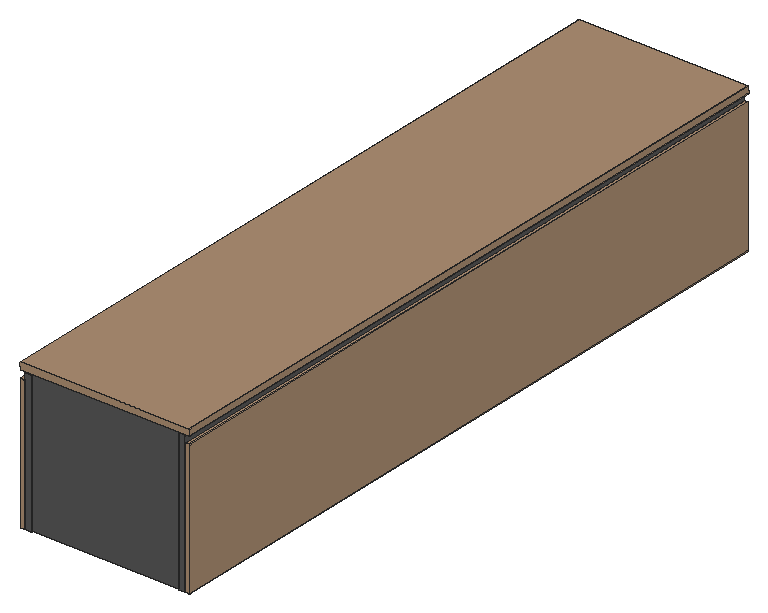
Revit family "Sanitary_Compound-Units_hansgrohe_54287XXX-Xilesa-E-Tall-cabinet_400-350_hinge-left", category Furniture, host Face, Revit 2022
Family settings
  Host = Face
  OmniClass Number = 23.21.19.15.33.13
  OmniClass Title = Residential Bathroom Specialty Casework
  Cut with Voids When Loaded = No
  Render Appearance Source = Family Geometry
  Shared = No
  Room Calculation Point = No
Parameters (values of type "550 Cashmere Oak")
  Version = 1  # constant formula
  URL = "https://www.hansgrohe.com/"
  Product data url = "https://www.bimobject.com/en/hansgrohe/product/54287XXX"
  Product Page URL = "https://www.hansgrohe.com/articledetail--54287550"
  Model = "54287XXX"  # constant formula
  Material 3 = Hansgrohe - Metal - Black
  Material 2 = Hansgrohe - MDF - Matt Black
  Material 1 = Hansgrohe - MDF - 550 Cashmere Oak (vertical)
  Manufacturer = "Hansgrohe"  # constant formula
  Height = 0 mm
  Description = "Xilesa E Tall cabinet 400/350, door hinge left"  # constant formula
  Default Elevation = 0 mm
  Date Updated = ""
  Date Created = "2024/02/03"  # constant formula
Types (5, lengths in mm): name | Product data url | Product Page URL | Material 1
  (no name) | "https://www.bimobject.com/en/hansgrohe/product/54287XXX" | "https://www.hansgrohe.com/articledetail--54287550" | Hansgrohe - MDF - 550 Cashmere Oak (vertical)
  550 Cashmere Oak | "https://www.bimobject.com/en/hansgrohe/product/54287XXX" | "https://www.hansgrohe.com/articledetail--54287550" | Hansgrohe - MDF - 550 Cashmere Oak (vertical)
  700 Matt White | "https://www.bimobject.com/en/hansgrohe/product/54243XXX" | "https://www.hansgrohe.com/articledetail--54243550" | Hansgrohe - MDF - 700 Matt White
  760 Slate Matt Grey | "https://www.bimobject.com/en/hansgrohe/product/54243XXX" | "https://www.hansgrohe.com/articledetail--54243550" | Hansgrohe - MDF - 760 Slate Matt Grey
  780 Sand Matt Beige | "https://www.bimobject.com/en/hansgrohe/product/54243XXX" | "https://www.hansgrohe.com/articledetail--54243550" | Hansgrohe - MDF - 780 Sand Matt Beige
Reference planes
  plane 1 "Center (Front/Back)": y = 0
  plane 2: z = 0
  plane 3 "Center (Left/Right)": x = 0
  plane 4: x = -200
  plane 5: x = 200
  plane 6: y = -1650
  plane 7: z = 350
Dimensions and locks
  aligned and locked: plane 2 to host face
  aligned and locked: level to host face
Nested families
  nested 1: "54287XXX" at (0, -1650, 0) x (1, 0, 0) z (0, 1, 0), Material 1 <- "Material 1", Material 2 <- "Material 2", Material 3 <- "Material 3", type "54287XXX"
    with Material 3 Hansgrohe - Metal - Black, Material 2 Hansgrohe - MDF - Matt Black, Material 1 Hansgrohe - MDF - 550 Cashmere Oak (vertical)
Definition of nested family "54287XXX"
  Parameters (values of type "54287XXX")
    Version = 1  # constant formula
    URL = "https://www.hansgrohe.com/"
    Product data url = "https://www.bimobject.com/en/hansgrohe/product/54287XXX"
    Product Page URL = "https://www.hansgrohe.com/articledetail--54287550"
    Model = "54287XXX"  # constant formula
    Material 3 [instance] = none
    Material 2 [instance] = none
    Material 1 [instance] = none
    Manufacturer = "Hansgrohe"  # constant formula
    Description = "Xilesa E Tall cabinet 400/350, door hinge left"  # constant formula
    Default Elevation = 1219.2 mm
    Date Updated = ""
    Date Created = "2024/12/16"  # constant formula
  Reference planes
    plane 1 "Center (Front/Back)": y = 0
    plane 2: z = 0
    plane 3 "Center (Left/Right)": x = 0
  Forms (mm)
    Extrusion 1, solid, material <- "Material 1", detail levels medium+fine
      sketch origin (0, 0, 0) x (1, 0, 0) y (0, 1, 0)
        loop
          line (-190.6, 0) -> (-199.2, 0)
          arc (-199.2, 0) -> (-199.766, -0.234) -> (-200, -0.8) r 0.8
          line (-200, -0.8) -> (-200, -315.9)
          arc (-200, -315.9) -> (-199.766, -316.466) -> (-199.2, -316.7) r 0.8
          line (-199.2, -316.7) -> (-190.6, -316.7)
          arc (-190.6, -316.7) -> (-190.034, -316.466) -> (-189.8, -315.9) r 0.8
          line (-189.8, -315.9) -> (-189.8, -0.8)
          arc (-189.8, -0.8) -> (-190.034, -0.234) -> (-190.6, 0) r 0.8
        loop
          arc (190.6, 0) -> (190.034, -0.234) -> (189.8, -0.8) r 0.8
          line (189.8, -0.8) -> (189.8, -315.9)
          arc (189.8, -315.9) -> (190.034, -316.466) -> (190.6, -316.7) r 0.8
          line (190.6, -316.7) -> (199.2, -316.7)
          arc (199.2, -316.7) -> (199.766, -316.466) -> (200, -315.9) r 0.8
          line (200, -315.9) -> (200, -0.8)
          arc (200, -0.8) -> (199.766, -0.234) -> (199.2, 0) r 0.8
          line (199.2, 0) -> (190.6, 0)
      from 0 to 1650
    Extrusion 2, solid, material <- "Material 1", detail levels medium+fine
      sketch origin (0, 0, 0) x (1, 0, 0) y (0, 1, 0)
        loop
          line (-199.2, -350) -> (199.2, -350)
          arc (199.2, -350) -> (199.766, -349.766) -> (200, -349.2) r 0.8
          line (200, -349.2) -> (200, -334.5)
          arc (200, -334.5) -> (199.766, -333.934) -> (199.2, -333.7) r 0.8
          line (199.2, -333.7) -> (-199.2, -333.7)
          arc (-199.2, -333.7) -> (-199.766, -333.934) -> (-200, -334.5) r 0.8
          line (-200, -334.5) -> (-200, -349.2)
          arc (-200, -349.2) -> (-199.766, -349.766) -> (-199.2, -350) r 0.8
      from 0 to 1650
    Extrusion 3, solid, material <- "Material 2", detail levels medium+fine
      sketch origin (0, 0, 0) x (1, 0, 0) y (0, 1, 0)
        loop
          line (-189.8, -0.8) -> (-189.8, -330.9)
          arc (-189.8, -330.9) -> (-189.566, -331.466) -> (-189, -331.7) r 0.8
          line (-189, -331.7) -> (-174.6, -331.7)
          arc (-174.6, -331.7) -> (-174.034, -331.466) -> (-173.8, -330.9) r 0.8
          line (-173.8, -330.9) -> (-173.8, -0.8)
          arc (-173.8, -0.8) -> (-174.034, -0.234) -> (-174.6, 0) r 0.8
          line (-174.6, 0) -> (-189, 0)
          arc (-189, 0) -> (-189.566, -0.234) -> (-189.8, -0.8) r 0.8
        loop
          arc (189.8, -0.8) -> (189.566, -0.234) -> (189, 0) r 0.8
          line (189, 0) -> (174.6, 0)
          arc (174.6, 0) -> (174.034, -0.234) -> (173.8, -0.8) r 0.8
          line (173.8, -0.8) -> (173.8, -330.9)
          arc (173.8, -330.9) -> (174.034, -331.466) -> (174.6, -331.7) r 0.8
          line (174.6, -331.7) -> (189, -331.7)
          arc (189, -331.7) -> (189.566, -331.466) -> (189.8, -330.9) r 0.8
          line (189.8, -330.9) -> (189.8, -0.8)
      from 0 to 1650
    Extrusion 4, solid, material <- "Material 2", detail levels fine
      sketch origin (0, 0, 0) x (1, 0, 0) y (0, 1, 0)
        loop
          line (-173.8, -17) -> (-173.8, -20) -> (173.8, -20) -> (173.8, -17) -> (-173.8, -17)
      from 17 to 1637.136
    Extrusion 5, solid, material <- "Material 2", detail levels fine
      sketch origin (0, 0, 0) x (1, 0, 0) y (0, 1, 0)
        loop
          line (-173.8, -1) -> (-173.8, -333.7) -> (173.8, -333.7) -> (173.8, -1) -> (-173.8, -1)
      from 0 to 17
    Extrusion 6, solid, material <- "Material 1", detail levels coarse
      sketch origin (0, 0, 0) x (1, 0, 0) y (0, 1, 0)
        loop
          line (-200, 0) -> (-200, -350) -> (200, -350) -> (200, 0) -> (-200, 0)
      from 0 to 1650
    Extrusion 7, solid, material <- "Material 3", detail levels fine
      sketch origin (-30, -112, 314) x (1, 0, 0) y (0, 0, 1)
        loop
          line (-119.8, 482) -> (-119.8, 540)
          arc (-119.8, 540) -> (-120.972, 542.829) -> (-123.8, 544) r 4
          line (-123.8, 544) -> (-138.8, 544)
          arc (-138.8, 544) -> (-141.628, 542.829) -> (-142.8, 540) r 4
          line (-142.8, 540) -> (-142.8, 482)
          arc (-142.8, 482) -> (-141.628, 479.172) -> (-138.8, 478) r 4
          line (-138.8, 478) -> (-123.8, 478)
          arc (-123.8, 478) -> (-120.972, 479.172) -> (-119.8, 482) r 4
      from 218.9 to 221.7
    Extrusion 8, solid, material <- "Material 3", detail levels fine
      sketch origin (-30, -112, 314) x (0, 1, 0) y (0, 0, 1)
        loop
          line (-149.706, 520.501) -> (-172.206, 520.501)
          arc (-172.206, 520.501) -> (-175.035, 521.672) -> (-176.206, 524.501) r 4
          line (-176.206, 524.501) -> (-176.206, 532.501)
          arc (-176.206, 532.501) -> (-176.938, 534.268) -> (-178.706, 535.001) r 2.5
          line (-178.706, 535.001) -> (-188.706, 535.001)
          arc (-188.706, 535.001) -> (-190.474, 534.268) -> (-191.206, 532.501) r 2.5
          line (-191.206, 532.501) -> (-191.206, 524.501)
          arc (-191.206, 524.501) -> (-192.378, 521.672) -> (-195.206, 520.501) r 4
          line (-195.206, 520.501) -> (-206.544, 520.501) -> (-206.544, 501.501) -> (-195.206, 501.501)
          arc (-195.206, 501.501) -> (-192.378, 500.329) -> (-191.206, 497.501) r 4
          line (-191.206, 497.501) -> (-191.206, 489.501)
          arc (-191.206, 489.501) -> (-190.474, 487.733) -> (-188.706, 487.001) r 2.5
          line (-188.706, 487.001) -> (-178.706, 487.001)
          arc (-178.706, 487.001) -> (-176.938, 487.733) -> (-176.206, 489.501) r 2.5
          line (-176.206, 489.501) -> (-176.206, 497.501)
          arc (-176.206, 497.501) -> (-175.035, 500.329) -> (-172.206, 501.501) r 4
          line (-172.206, 501.501) -> (-149.706, 501.501)
          arc (-149.706, 501.501) -> (-147.938, 502.233) -> (-147.206, 504.001) r 2.5
          line (-147.206, 504.001) -> (-147.206, 518.001)
          arc (-147.206, 518.001) -> (-147.938, 519.768) -> (-149.706, 520.501) r 2.5
      from -143.8 to -140.45
    Extrusion 9, solid, material <- "Material 3", detail levels fine
      sketch origin (-30, -112, 314) x (1, 0, 0) y (0, 1, 0)
        loop
          line (-126.45, -219.2) -> (-130.658, -160.187) -> (-133.066, -160.422) -> (-138.299, -155.486) -> (-138.299, -147.206) -> (-140.45, -147.206) -> (-140.45, -219.2) -> (-126.45, -219.2)
      from 504.25 to 517.75
    Extrusion 10, solid, material <- "Material 3", detail levels fine
      sketch origin (-30, -112, -426.001) x (1, 0, 0) y (0, 0, 1)
        loop
          line (-119.8, 482) -> (-119.8, 540)
          arc (-119.8, 540) -> (-120.972, 542.829) -> (-123.8, 544) r 4
          line (-123.8, 544) -> (-138.8, 544)
          arc (-138.8, 544) -> (-141.628, 542.829) -> (-142.8, 540) r 4
          line (-142.8, 540) -> (-142.8, 482)
          arc (-142.8, 482) -> (-141.628, 479.172) -> (-138.8, 478) r 4
          line (-138.8, 478) -> (-123.8, 478)
          arc (-123.8, 478) -> (-120.972, 479.172) -> (-119.8, 482) r 4
      from 218.9 to 221.7
    Extrusion 11, solid, material <- "Material 3", detail levels fine
      sketch origin (-30, -112, -426.001) x (0, 1, 0) y (0, 0, 1)
        loop
          line (-149.706, 520.501) -> (-172.206, 520.501)
          arc (-172.206, 520.501) -> (-175.035, 521.672) -> (-176.206, 524.501) r 4
          line (-176.206, 524.501) -> (-176.206, 532.501)
          arc (-176.206, 532.501) -> (-176.938, 534.268) -> (-178.706, 535.001) r 2.5
          line (-178.706, 535.001) -> (-188.706, 535.001)
          arc (-188.706, 535.001) -> (-190.474, 534.268) -> (-191.206, 532.501) r 2.5
          line (-191.206, 532.501) -> (-191.206, 524.501)
          arc (-191.206, 524.501) -> (-192.378, 521.672) -> (-195.206, 520.501) r 4
          line (-195.206, 520.501) -> (-206.544, 520.501) -> (-206.544, 501.501) -> (-195.206, 501.501)
          arc (-195.206, 501.501) -> (-192.378, 500.329) -> (-191.206, 497.501) r 4
          line (-191.206, 497.501) -> (-191.206, 489.501)
          arc (-191.206, 489.501) -> (-190.474, 487.733) -> (-188.706, 487.001) r 2.5
          line (-188.706, 487.001) -> (-178.706, 487.001)
          arc (-178.706, 487.001) -> (-176.938, 487.733) -> (-176.206, 489.501) r 2.5
          line (-176.206, 489.501) -> (-176.206, 497.501)
          arc (-176.206, 497.501) -> (-175.035, 500.329) -> (-172.206, 501.501) r 4
          line (-172.206, 501.501) -> (-149.706, 501.501)
          arc (-149.706, 501.501) -> (-147.938, 502.233) -> (-147.206, 504.001) r 2.5
          line (-147.206, 504.001) -> (-147.206, 518.001)
          arc (-147.206, 518.001) -> (-147.938, 519.768) -> (-149.706, 520.501) r 2.5
      from -143.8 to -140.45
    Extrusion 12, solid, material <- "Material 3", detail levels fine
      sketch origin (-30, -112, -426.001) x (1, 0, 0) y (0, 1, 0)
        loop
          line (-126.45, -219.2) -> (-130.658, -160.187) -> (-133.066, -160.422) -> (-138.299, -155.486) -> (-138.299, -147.206) -> (-140.45, -147.206) -> (-140.45, -219.2) -> (-126.45, -219.2)
      from 504.25 to 517.75
    Extrusion 13, solid, material <- "Material 2", detail levels medium+fine
      sketch origin (0, 0, 585) x (0, 1, 0) y (0, 0, 1)
        loop
          line (-330.2, 1048) -> (-2, 1048)
          arc (-2, 1048) -> (-1.293, 1048.293) -> (-1, 1049) r 1
          line (-1, 1049) -> (-1, 1063)
          arc (-1, 1063) -> (-1.293, 1063.707) -> (-2, 1064) r 1
          line (-2, 1064) -> (-330.2, 1064)
          arc (-330.2, 1064) -> (-330.907, 1063.707) -> (-331.2, 1063) r 1
          line (-331.2, 1063) -> (-331.2, 1049)
          arc (-331.2, 1049) -> (-330.907, 1048.293) -> (-330.2, 1048) r 1
      from -173.8 to 173.8
    Extrusion 14, solid, material <- "Material 3", detail levels fine
      sketch origin (-30, -112, 1054) x (1, 0, 0) y (0, 0, 1)
        loop
          line (-119.8, 482) -> (-119.8, 540)
          arc (-119.8, 540) -> (-120.972, 542.829) -> (-123.8, 544) r 4
          line (-123.8, 544) -> (-138.8, 544)
          arc (-138.8, 544) -> (-141.628, 542.829) -> (-142.8, 540) r 4
          line (-142.8, 540) -> (-142.8, 482)
          arc (-142.8, 482) -> (-141.628, 479.172) -> (-138.8, 478) r 4
          line (-138.8, 478) -> (-123.8, 478)
          arc (-123.8, 478) -> (-120.972, 479.172) -> (-119.8, 482) r 4
      from 218.9 to 221.7
    Extrusion 15, solid, material <- "Material 3", detail levels fine
      sketch origin (-30, -112, 1054) x (0, 1, 0) y (0, 0, 1)
        loop
          line (-149.706, 520.501) -> (-172.206, 520.501)
          arc (-172.206, 520.501) -> (-175.035, 521.672) -> (-176.206, 524.501) r 4
          line (-176.206, 524.501) -> (-176.206, 532.501)
          arc (-176.206, 532.501) -> (-176.938, 534.268) -> (-178.706, 535.001) r 2.5
          line (-178.706, 535.001) -> (-188.706, 535.001)
          arc (-188.706, 535.001) -> (-190.474, 534.268) -> (-191.206, 532.501) r 2.5
          line (-191.206, 532.501) -> (-191.206, 524.501)
          arc (-191.206, 524.501) -> (-192.378, 521.672) -> (-195.206, 520.501) r 4
          line (-195.206, 520.501) -> (-206.544, 520.501) -> (-206.544, 501.501) -> (-195.206, 501.501)
          arc (-195.206, 501.501) -> (-192.378, 500.329) -> (-191.206, 497.501) r 4
          line (-191.206, 497.501) -> (-191.206, 489.501)
          arc (-191.206, 489.501) -> (-190.474, 487.733) -> (-188.706, 487.001) r 2.5
          line (-188.706, 487.001) -> (-178.706, 487.001)
          arc (-178.706, 487.001) -> (-176.938, 487.733) -> (-176.206, 489.501) r 2.5
          line (-176.206, 489.501) -> (-176.206, 497.501)
          arc (-176.206, 497.501) -> (-175.035, 500.329) -> (-172.206, 501.501) r 4
          line (-172.206, 501.501) -> (-149.706, 501.501)
          arc (-149.706, 501.501) -> (-147.938, 502.233) -> (-147.206, 504.001) r 2.5
          line (-147.206, 504.001) -> (-147.206, 518.001)
          arc (-147.206, 518.001) -> (-147.938, 519.768) -> (-149.706, 520.501) r 2.5
      from -143.8 to -140.45
    Extrusion 16, solid, material <- "Material 3", detail levels fine
      sketch origin (-30, -112, 1054) x (1, 0, 0) y (0, 1, 0)
        loop
          line (-126.45, -219.2) -> (-130.658, -160.187) -> (-133.066, -160.422) -> (-138.299, -155.486) -> (-138.299, -147.206) -> (-140.45, -147.206) -> (-140.45, -219.2) -> (-126.45, -219.2)
      from 504.25 to 517.75
  Lines and regions (mm)
    Masking region 1
      outline origin (0, 0, 0) x (1, 0, 0) y (0, 0, 1)
        loop
          line (-199, 0) -> (0, 0) -> (199, 0)
          arc (199, 0) -> (199.707, 0.293) -> (200, 1) r 1
          line (200, 1) -> (200, 1649)
          arc (200, 1649) -> (199.707, 1649.707) -> (199, 1650) r 1
          line (199, 1650) -> (-199, 1650)
          arc (-199, 1650) -> (-199.707, 1649.707) -> (-200, 1649) r 1
          line (-200, 1649) -> (-200, 1)
          arc (-200, 1) -> (-199.707, 0.293) -> (-199, 0) r 1
    Masking region 2
      outline origin (0, 0, 0) x (0, 1, 0) y (0, 0, 1)
        loop
          line (-1, 1650) -> (-330.7, 1650)
          arc (-330.7, 1650) -> (-331.407, 1649.707) -> (-331.7, 1649) r 1
          line (-331.7, 1649) -> (-331.7, 1634.125) -> (-333.7, 1634.3) -> (-333.7, 1649)
          arc (-333.7, 1649) -> (-333.993, 1649.707) -> (-334.7, 1650) r 1
          line (-334.7, 1650) -> (-349, 1650)
          arc (-349, 1650) -> (-349.707, 1649.707) -> (-350, 1649) r 1
          line (-350, 1649) -> (-350, 1)
          arc (-350, 1) -> (-349.707, 0.293) -> (-349, 0) r 1
          line (-349, 0) -> (-334.7, 0)
          arc (-334.7, 0) -> (-333.993, 0.293) -> (-333.7, 1) r 1
          line (-333.7, 1) -> (-333.7, 15.692) -> (-331.7, 15.867) -> (-331.7, 1)
          arc (-331.7, 1) -> (-331.407, 0.293) -> (-330.7, 0) r 1
          line (-330.7, 0) -> (-1, 0)
          arc (-1, 0) -> (-0.293, 0.293) -> (0, 1) r 1
          line (0, 1) -> (0, 1649)
          arc (0, 1649) -> (-0.293, 1649.707) -> (-1, 1650) r 1
    Masking region 3
      outline origin (0, 0, 0) x (1, 0, 0) y (0, 1, 0)
        loop
          arc (200, -1) -> (199.707, -0.293) -> (199, 0) r 1
          line (199, 0) -> (174.8, 0)
          arc (174.8, 0) -> (174.093, -0.293) -> (173.8, -1) r 1
          line (173.8, -1) -> (0, -1) -> (-173.8, -1)
          arc (-173.8, -1) -> (-174.093, -0.293) -> (-174.8, 0) r 1
          line (-174.8, 0) -> (-199, 0)
          arc (-199, 0) -> (-199.707, -0.293) -> (-200, -1) r 1
          line (-200, -1) -> (-200, -315.7)
          arc (-200, -315.7) -> (-199.707, -316.407) -> (-199, -316.7) r 1
          line (-199, -316.7) -> (-189.8, -316.7) -> (-189.8, -330.7)
          arc (-189.8, -330.7) -> (-189.507, -331.407) -> (-188.8, -331.7) r 1
          line (-188.8, -331.7) -> (-173, -331.7) -> (-173, -333.7) -> (-199, -333.7)
          arc (-199, -333.7) -> (-199.707, -333.993) -> (-200, -334.7) r 1
          line (-200, -334.7) -> (-200, -349)
          arc (-200, -349) -> (-199.707, -349.707) -> (-199, -350) r 1
          line (-199, -350) -> (0, -350) -> (199, -350)
          arc (199, -350) -> (199.707, -349.707) -> (200, -349) r 1
          line (200, -349) -> (200, -334.7)
          arc (200, -334.7) -> (199.707, -333.993) -> (199, -333.7) r 1
          line (199, -333.7) -> (173, -333.7) -> (173, -331.7) -> (188.8, -331.7)
          arc (188.8, -331.7) -> (189.507, -331.407) -> (189.8, -330.7) r 1
          line (189.8, -330.7) -> (189.8, -316.7) -> (199, -316.7)
          arc (199, -316.7) -> (199.707, -316.407) -> (200, -315.7) r 1
          line (200, -315.7) -> (200, -1)
    symbolic lines, detail levels medium+fine
      curve 1: line (0, -333.7, 1634.164) -> (0, -333.7, 15.692)
      curve 2: line (0, -331.7, 15.867) -> (0, -331.7, 1648.852)
      curve 5: line (0, -333.7, 1625.732) -> (0, -331.7, 1625.907)
      curve 6: line (0, -333.7, 24.317) -> (0, -331.7, 24.107)
      curve 7: line (-189.8, -316.7, 0) -> (-189.8, 0, 0)
      curve 9: line (-173, -333.7, 0) -> (0, -333.7, 0)
      curve 10: line (-173, -331.7, 0) -> (173, -331.7, 0)
      curve 12: line (189.8, -316.7, 0) -> (189.8, 0, 0)
      curve 14: line (173, -333.7, 0) -> (0, -333.7, 0)
    symbolic lines, detail levels fine
      curve 3: line (0, -316.7, 1649) -> (0, -316.7, 0)
      curve 4: arc (0, -315.7, 1650) -> (0, -316.407, 1649.707) -> (0, -316.7, 1649) r 1
      curve 8: line (-173.8, -1, 0) -> (-173.8, -331.7, 0)
      curve 11: line (-150, -333.7, 0) -> (-150, -331.7, 0)
      curve 13: line (173.8, -1, 0) -> (173.8, -331.7, 0)
      curve 15: line (150, -333.7, 0) -> (150, -331.7, 0)
  Dimensions and locks
    aligned and locked: level to plane 2
